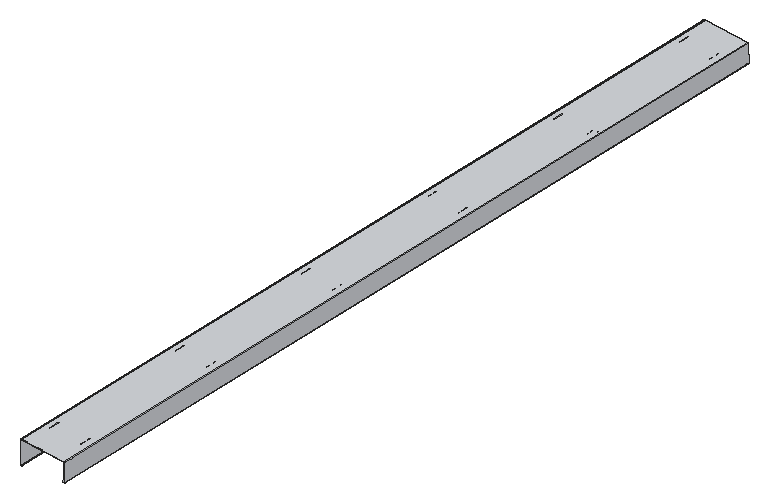
Revit family "AT130", category 一般モデル, Revit 2020
Family settings
  鉄筋をホスト可能 = いいえ
  丸型コネクタ寸法 = 直径を使用
  パーツ タイプ = 標準
  作業面ベース = いいえ
  常に垂直 = はい
  ロード時にボイドで切り取り = いいえ
  共有 = いいえ
  部屋計算ポイント = いいえ
Parameters
  定尺笠木長さ = 4000 mm
  笠木長さ [instance] = 2500 mm
  既定の高さ = 0 mm
  固定金具数 [instance] = 6
  判定 [instance] = if(笠木長さ > 4000 mm, 定尺笠木長さ, 笠木長さ)  # 2500 mm
Reference planes
  plane 1 "中心(正面/背面)": y = -80
  plane 2: z = 0
  plane 3 "中心(左/右)": x = 0
  plane 4: x = -65
  plane 5: x = 65
  plane 6: z = -43
  plane 7: y = -2580
  plane 8: y = -2480
  plane 9: y = -180
Forms (mm)
  Extrusion 1, solid, not visible
    sketch origin (-30.659, 0, -78.72) x (1, 0, 0) y (0, 0, 1)
      loop
        arc (278, 268.846) -> (277.496, 270.173) -> (276.237, 270.831) r 2
        line (276.237, 270.831) -> (150.229, 285.372)
        arc (150.229, 285.372) -> (148.662, 284.872) -> (148, 283.366) r 2
        line (148, 283.366) -> (148, 215.629) -> (153.1, 215.629) -> (153.1, 217.129) -> (149.5, 217.129) -> (149.5, 281.903)
        arc (149.5, 281.903) -> (150.173, 283.4) -> (151.739, 283.889) r 2
        line (151.739, 283.889) -> (274.719, 269.698)
        arc (274.719, 269.698) -> (275.984, 269.052) -> (276.5, 267.729) r 2
        line (276.5, 267.729) -> (276.5, 217.129) -> (272.9, 217.129) -> (272.9, 215.629) -> (277.5, 215.629)
        arc (277.5, 215.629) -> (277.854, 215.775) -> (278, 216.129) r 0.5
        line (278, 216.129) -> (278, 268.846)
    from 0 to 1000
  Extrusion 2, solid, not visible
    sketch origin (-26.889, 0, -224.64) x (1, 0, 0) y (0, 0, 1)
      loop
        line (90.389, 183.452) -> (90.389, 193.815) -> (84.794, 233.834) -> (83.97, 234.157) -> (83.632, 234.975) -> (63.677, 237.279) -> (62.888, 237.37) -> (62.888, 233.868) -> (62.888, 230.34)
        arc (62.888, 230.34) -> (62.287, 228.911) -> (60.845, 228.341) r 2
        line (60.845, 228.341) -> (46.885, 228.64) -> (26.888, 228.64) -> (6.885, 228.64) -> (-0.054, 228.541)
        arc (-0.054, 228.541) -> (-2.92, 229.691) -> (-4.112, 232.54) r 4
        line (-4.112, 232.54) -> (-4.127, 241.786) -> (-5.297, 244.757) -> (-27.823, 247.806) -> (-29.112, 247.98) -> (-29.284, 246.691) -> (-36.612, 191.955) -> (-36.612, 183.275) -> (-35.112, 183.54) -> (-35.109, 184.662) -> (-27.002, 240.163)
        arc (-27.002, 240.163) -> (-25.452, 242.784) -> (-22.507, 243.554) r 4
        line (-22.507, 243.554) -> (-9.788, 241.833)
        arc (-9.788, 241.833) -> (-8.233, 241.003) -> (-7.612, 239.354) r 2.5
        line (-7.612, 239.354) -> (-7.708, 226.393) -> (-7.512, 224.64) -> (66.188, 224.64) -> (66.188, 227.764) -> (66.188, 230.862)
        arc (66.188, 230.862) -> (67.023, 232.727) -> (68.97, 233.346) r 2.5
        line (68.97, 233.346) -> (79.226, 232.162)
        arc (79.226, 232.162) -> (81.553, 231.061) -> (82.727, 228.771) r 4
        line (82.727, 228.771) -> (88.888, 186.618) -> (89.188, 183.24) -> (90.389, 183.452)
    from 0 to 50
  Extrusion 3, solid
    sketch origin (-213, -80, -258.629) x (1, 0, 0) y (0, 0, 1)
      loop
        arc (150.229, 285.372) -> (148.662, 284.872) -> (148, 283.366) r 2
        line (148, 283.366) -> (148, 215.629) -> (153.6, 215.629) -> (153.6, 217.129) -> (149.5, 217.129) -> (149.5, 281.903)
        arc (149.5, 281.903) -> (150.173, 283.4) -> (151.739, 283.889) r 2
        line (151.739, 283.889) -> (274.719, 269.698)
        arc (274.719, 269.698) -> (275.984, 269.052) -> (276.5, 267.729) r 2
        line (276.5, 267.729) -> (276.5, 217.129) -> (272.4, 217.129) -> (272.4, 215.629) -> (277.5, 215.629)
        arc (277.5, 215.629) -> (277.854, 215.775) -> (278, 216.129) r 0.5
        line (278, 216.129) -> (278, 268.846)
        arc (278, 268.846) -> (277.496, 270.173) -> (276.237, 270.831) r 2
        line (276.237, 270.831) -> (150.229, 285.372)
    from 0 to 2500
  Extrusion 4, solid, not visible
    sketch origin (17, 6700, -115.459) x (1, 0, 0) y (0, 0, 1)
      loop
        arc (150.229, 285.372) -> (148.662, 284.872) -> (148, 283.366) r 2
        line (148, 283.366) -> (148, 215.629) -> (153.6, 215.629) -> (153.6, 217.129) -> (149.5, 217.129) -> (149.5, 281.903)
        arc (149.5, 281.903) -> (150.173, 283.4) -> (151.739, 283.889) r 2
        line (151.739, 283.889) -> (274.719, 269.698)
        arc (274.719, 269.698) -> (275.984, 269.052) -> (276.5, 267.729) r 2
        line (276.5, 267.729) -> (276.5, 217.129) -> (272.4, 217.129) -> (272.4, 215.629) -> (277.5, 215.629)
        arc (277.5, 215.629) -> (277.854, 215.775) -> (278, 216.129) r 0.5
        line (278, 216.129) -> (278, 268.846)
        arc (278, 268.846) -> (277.496, 270.173) -> (276.237, 270.831) r 2
        line (276.237, 270.831) -> (150.229, 285.372)
    from 0 to 1000
Lines and regions (mm)
  model lines, not visible
    curve 1: line (119.637, 0, 206.644) -> (117.341, 0, 206.909)
    curve 2: line (117.341, 0, 204.646) -> (117.341, 0, 206.909)
    curve 3: line (245.611, 0, 192.14) -> (247.341, 0, 191.934)
    curve 4: line (247.341, 0, 190.126) -> (247.341, 0, 191.934)
    curve 5: line (129.564, -68.298, 0) -> (129.564, -72.159, 0)
Dimensions and locks
  Extrusion 2 sketch curve to Extrusion 2 sketch curve = 63.5 mm  (x2)
  locked: plane 4 to plane 3 "中心(左/右)" at 65
  plane 5 to plane 3 "中心(左/右)" = 65 mm
  locked: plane 4 to plane 5 at 130
  locked: plane 6 to plane 2 at 43
  "笠木長さ": plane 7 to plane 1 "中心(正面/背面)"
  locked: plane 7 to plane 8 at 100
  locked: nested 1 to plane 9 at 25
  equal spacing: group 4, group 6, group 7, group 8, group 9, group 5  (x2)
  equal spacing: group 5, group 9, group 8, group 7, group 6, group 4
  locked: nested 2 to plane 8 at 25
  "判定": Extrusion 3 to plane 1 "中心(正面/背面)"
  locked: plane 9 to plane 1 "中心(正面/背面)" at 100
  aligned and locked: level to plane 2
  aligned and locked: plane 4 to Extrusion 3
  aligned and locked: Extrusion 3 to plane 6
  aligned and locked: plane 7 to Extrusion 3
Automatic sketch dimensions
  plane 4 to Extrusion 3 sketch curve = 0 mm
  Extrusion 3 sketch curve to plane 6 = 0 mm  (x2)
  Extrusion 3 sketch curve to plane 4 = 1.5 mm
  Extrusion 3 sketch curve to Extrusion 3 sketch curve = 0.5 mm  (x2)
  Extrusion 3 sketch curve to Extrusion 3 sketch curve = 2 mm
  Extrusion 3 sketch curve to Extrusion 3 sketch curve = 1.74 mm
  plane 6 to Extrusion 3 sketch curve = 1.5 mm  (x2)
  Extrusion 3 sketch curve to Extrusion 3 sketch curve = 4.1 mm
  plane 5 to Extrusion 3 sketch curve = 5.6 mm
  plane 5 to Extrusion 3 sketch curve = 3.5 mm
  Extrusion 3 sketch curve to Extrusion 3 sketch curve = 0.219 mm
  Extrusion 3 sketch curve to Extrusion 3 sketch curve = 1.281 mm
  plane 5 to Extrusion 3 sketch curve = 1.763 mm
  plane 5 to Extrusion 3 sketch curve = 1.5 mm
  plane 5 to Extrusion 3 sketch curve = 0.5 mm  (x2)
  level to Extrusion 3 sketch curve = 9.081 mm
  Extrusion 3 sketch curve to Extrusion 3 sketch curve = 0.019 mm
  Extrusion 3 sketch curve to Extrusion 3 sketch curve = 1.116 mm
  Extrusion 3 sketch curve to Extrusion 3 sketch curve = 1.133 mm
  level to Extrusion 3 sketch curve = 23.274 mm
  Extrusion 3 sketch curve to Extrusion 3 sketch curve = 1.462 mm
  Extrusion 3 sketch curve to Extrusion 3 sketch curve = 1.482 mm
  Extrusion 3 sketch curve to Extrusion 3 sketch curve = 0.504 mm
  Extrusion 3 sketch curve to Extrusion 3 sketch curve = 0.229 mm
  Extrusion 3 sketch curve to Extrusion 3 sketch curve = 0 mm  (x8)
  Extrusion 3 sketch curve to plane 5 = 0 mm
Nested families
  nested 1: "ATAF130" at (0, -155, 0), type "ATAF130"
  nested 2: "ATAF130" at (0, -2455, 0), type "ATAF130"
  nested 3: "ATAF130" at (0, -615, 0), type "ATAF130"
  nested 4: "ATAF130" at (0, -1075, 0), type "ATAF130"
  nested 5: "ATAF130" at (0, -1535, 0), type "ATAF130"
  nested 6: "ATAF130" at (0, -1995, 0), type "ATAF130"
Definition of nested family "ATAF130"
  Parameters
    Default Elevation = 0 mm
  Reference planes
    plane 1 "中心(正面/背面)": y = 0
    plane 2: z = 0
    plane 3 "中心(左/右)": x = 0
  Forms (mm)
    Extrusion 1, solid
      sketch origin (-27.888, 0, -224.64) x (1, 0, 0) y (0, 0, 1)
        loop
          line (90.389, 183.452) -> (90.389, 193.815) -> (84.794, 233.834) -> (83.97, 234.157) -> (83.632, 234.975) -> (63.677, 237.279) -> (62.888, 237.37) -> (62.888, 233.868) -> (62.888, 230.34)
          arc (62.888, 230.34) -> (62.287, 228.911) -> (60.845, 228.341) r 2
          line (60.845, 228.341) -> (46.885, 228.64) -> (26.888, 228.64) -> (6.885, 228.64) -> (-0.054, 228.541)
          arc (-0.054, 228.541) -> (-2.92, 229.691) -> (-4.112, 232.54) r 4
          line (-4.112, 232.54) -> (-4.127, 241.786) -> (-5.297, 244.757) -> (-27.823, 247.806) -> (-29.112, 247.98) -> (-29.284, 246.691) -> (-36.612, 191.955) -> (-36.612, 183.275) -> (-35.112, 183.54) -> (-35.109, 184.662) -> (-27.002, 240.163)
          arc (-27.002, 240.163) -> (-25.452, 242.784) -> (-22.507, 243.554) r 4
          line (-22.507, 243.554) -> (-9.788, 241.833)
          arc (-9.788, 241.833) -> (-8.233, 241.003) -> (-7.612, 239.354) r 2.5
          line (-7.612, 239.354) -> (-7.708, 226.393) -> (-7.512, 224.64) -> (66.188, 224.64) -> (66.188, 227.764) -> (66.188, 230.862)
          arc (66.188, 230.862) -> (67.023, 232.727) -> (68.97, 233.346) r 2.5
          line (68.97, 233.346) -> (79.226, 232.162)
          arc (79.226, 232.162) -> (81.553, 231.061) -> (82.727, 228.771) r 4
          line (82.727, 228.771) -> (88.888, 186.618) -> (89.188, 183.24) -> (90.389, 183.452)
      from 0 to 50
  Lines and regions (mm)
    reference lines
      curve 1: line (-100.436, -25, 0) -> (99.564, -25, 0)
  Dimensions and locks
    Extrusion 1 sketch curve to Extrusion 1 sketch curve = 63.5 mm  (x2)
    Extrusion 1 to plane 3 "中心(左/右)" = 62.5 mm
    plane 3 "中心(左/右)" to Extrusion 1 = 64.5 mm
    aligned and locked: level to plane 2
